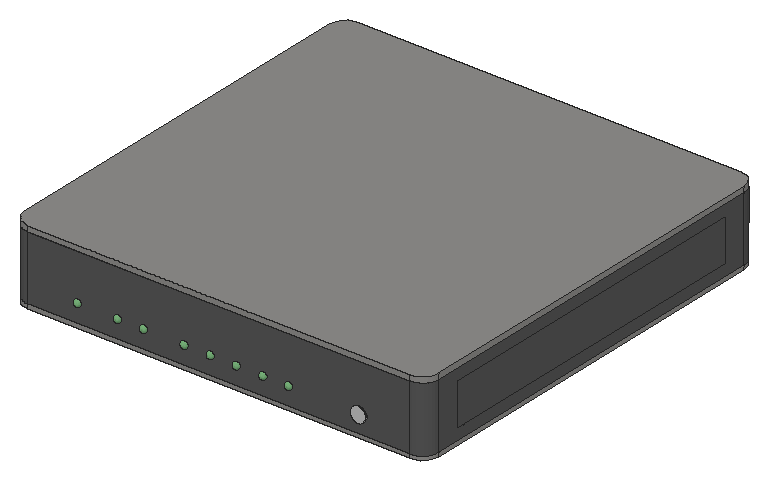
Revit family "Electronics_Compact-Audio-DSP_Biamp_TesiraFORTE-X_Meeting-Room-DSP___", category Communication Devices, host Face, Revit 2020
Family settings
  Host = Face
  Maintain Annotation Orientation = No
  Round Connector Dimension = Use Diameter
  Part Type = Normal
  OmniClass Number = 23.85.10.14
  OmniClass Title = Visual Information Systems
  Cut with Voids When Loaded = Yes
  Shared = No
  Room Calculation Point = No
Parameters (values of type "X 400")
  Width = 8.10156"  # constant formula
  Weight = 1.90 lbf  # constant formula
  Voltage = 120 V
  View_Device [instance] = not(Plenum Box 12x12)  # yes
  URL = "https://www.biamp.com/"
  Temperature Range = "32 - 104° F (0 - 40° C)"  # constant formula
  THD+N = "0dB Gain, +4dBu In: < 0.006% at 22Hz~22kHz; 54dB Gain, -50dBu In: < 0.040% at 22Hz~22kHz; "  # constant formula
  Sampling Rate = "48kHz"  # constant formula
  Sample Rate = "48kHz"  # constant formula
  Rotation [instance] = if(RMX 100 Rack Shelf, 0.00°, 90.00°)  # 90.00°
  Ref Line Offset [instance] = if(RMX 100 Rack Shelf, 4.680", 0.000")  # 0.000"
  RMX 100 Rack Shelf [instance] = Mount Type = _RMX 100 Rack Shelf  # no
  _RMX 100 Rack Shelf = RMX 100 Rack Shelf : RMX 100 Rack Shelf
  Product data url = "https://www.bimobject.com/biamp/product/x-400_compact-audio-dsp"
  Product Page URL = "https://www.biamp.com/products/tesira-compact-audio-dsp#x-400"
  Product Documentation Link = "https://downloads.biamp.com/assets/docs/default-source/data-sheets/biamp_data_sheet_tesiraforte_x400_feb22.pdf"
  Power Factor = 1
  Plenum Box 12x12 [instance] = Mount Type = _Plenum Box 12x12  # no
  _Plenum Box 12x12 = Plenum Box 12x12 : Plenum Box 12x12
  Phantom Power = "+48VDC (7mA/input)"  # constant formula
  Output Impedance = "207 ohm"  # constant formula
  Offset Tesera [instance] = if(RMX 100 Rack Shelf, 0.263", if(Plenum Box 12x12, 0.063", 0.000"))  # 0.000"
  Number of Poles = 1
  Number of Channels = "up to 2x2"  # constant formula
  No mount [instance] = Mount Type = No Mount  # yes
  No Mount = No mount : No mount
  Mount Type [instance] = No mount : No mount
  Model = "TesiraFORTÉ X 400"
  Maximum Output = "+24dBu, +18dBu, +12dBu"  # constant formula
  Maximum Number of Dante Flows = "32x32"  # constant formula
  Maximum Number of Dante Channels = "32x32"  # constant formula
  Maximum Number of AVB Streams = "64x64"  # constant formula
  Maximum Number of AVB Channels = "128x128"  # constant formula
  Maximum Input = "+24dBu"  # constant formula
  Maximum AVB Stream Passthrough = "150"  # constant formula
  Max Power Consumption = 150 W
  Manufacturer = "Biamp"  # constant formula
  Input Impedance = "8 kohm"  # constant formula
  Input Gain Range = "0-66dB"  # constant formula
  Humidity = "0-98% relative humidity (non-condensing)"  # constant formula
  Housing Material = Biamp - Metal - Dark Gray
  Height = 1.500"  # constant formula
  Frequency Response = "20Hz to 20kHz, +4dBu output: +0.25 dB/-0.5 dB"  # constant formula
  EIN = "< -125dBu"  # constant formula
  Dynamic Range = "22Hz to 22kHz, 0dB gain: > 108dB"  # constant formula
  Description = "TesiraFORTÉ® X 400 Meeting Room DSP"
  Depth = 8.10156"  # constant formula
  Default Elevation = 48.000"
  Cross Talk = "0dB Gain, +4dBu In: < -85dB channel to channel at 1kHz; 54dB Gain, -50dBu In: < -75dB channel to channel at 1kHz; "  # constant formula
  Connector Description = "100 - 240V 50/60Hz"  # constant formula
  Compliance = "FCC Part 15B (USA), Canada ICES-003 (A) / NMB-003 (A), CE marked (Europe), UL und C-UL listed (USA and Canada), RCM (Australia), RoHS Directive (Europe)"  # constant formula
  Bit Depth = "16-bit / 24-bit"  # constant formula
  Assembly Code = ""
  Apparent Load = Max Power Consumption / Power Factor  # 150 VA
  Altitude = "0-6,600 ft (0-2000m) MSL"  # constant formula
  A/D - D/A Converters = "24-bit"  # constant formula
Types (4): name | Product data url | Product Page URL | Product Documentation Link | Model | Description
  (no name) | "https://www.bimobject.com/biamp/product/x-400_compact-audio-dsp" | "https://www.biamp.com/products/tesira-compact-audio-dsp#x-400" | "https://downloads.biamp.com/assets/docs/default-source/data-sheets/biamp_data_sheet_tesiraforte_x400_feb22.pdf" | "TesiraFORTÉ X 400" | "TesiraFORTÉ® X 400 Meeting Room DSP"
  X 400 | "https://www.bimobject.com/biamp/product/x-400_compact-audio-dsp" | "https://www.biamp.com/products/tesira-compact-audio-dsp#x-400" | "https://downloads.biamp.com/assets/docs/default-source/data-sheets/biamp_data_sheet_tesiraforte_x400_feb22.pdf" | "TesiraFORTÉ X 400" | "TesiraFORTÉ® X 400 Meeting Room DSP"
  X 800 | "https://www.bimobject.com/biamp/product/x-800_compact-audio-dsp" | "https://www.biamp.com/products/tesira-compact-audio-dsp#x-800" | "https://downloads.biamp.com/assets/docs/default-source/data-sheets/biamp_data_sheet_tesiraforte_x800_feb22.pdf" | "TesiraFORTÉ X 800" | "TesiraFORTÉ® X 800 Meeting Room DSP"
  X 1600 | "https://www.bimobject.com/biamp/product/x-1600_compact-audio-dsp" | "https://www.biamp.com/products/tesira-compact-audio-dsp#x-1600" | "https://downloads.biamp.com/assets/docs/default-source/data-sheets/biamp_data_sheet_tesiraforte_x1600_feb22.pdf" | "TesiraFORTÉ X 1600" | "TesiraFORTÉ® X 1600 Meeting Room DSP"
Reference planes (in)
  plane 1 "Center (Front/Back)": y = 0
  plane 2: z = 0
  plane 3 "Center (Left/Right)": x = 0
  plane 4: x = -4.05078
  plane 5: x = 4.05078
  plane 6: y = 4.05078
  plane 7: y = -4.05078
Lines and regions (in)
  reference lines
    curve 1: line (0, 4.05078, 0) -> (0, 0.05078, 0)
    curve 2: line (-2, 0.05078, 0) -> (0, 0.05078, 0)
    curve 3: line (0, 0.05078, 0) -> (0, 1.80078, 0)
Dimensions and locks (in)
  equal spacing: plane 4, plane 3 "Center (Left/Right)", plane 5
  equal spacing: plane 6, plane 1 "Center (Front/Back)", plane 7
  "Depth": plane 4 to plane 5
  "Width": plane 6 to plane 7
  "Ref Line Offset": curve 1 to curve 2
  "Rotation": angle curve 1 to plane 6
  locked: curve 2 to curve 1 (angle 90.00°)
  aligned and locked: plane 2 to host face
  aligned and locked: nested 2 to curve 3
Automatic sketch dimensions
  host sketch curve to host sketch curve = 96.000"  (x2)
  curve 1 to level = 0.000"
  curve 1 to plane 6 = 0.000"
  curve 3 to curve 2 = 0.000"
  curve 2 to curve 3 = 0.000"
  curve 2 to curve 3 = 1.750"
  curve 1 to curve 2 = 0.000"
Nested families (in)
  nested 1: "No mount" at (8.84807, -1.49783, 0) x (-1, 0, 0) z (0, 0, 1), type <- "Mount Type", type "No mount"
  nested 2: "TesiraForte X_TC" at (0, 0.05078, 0), visible <- "View_Device", type "TESIRAFORTÉ X"
Connectors (in)
  electrical at (-1.18142, 4.0336, 0.76855)
    settings: on nested 2, index 8, voltage 0 V, apparent load 0 VA, apparent load phase1 0 VA, apparent load phase2 0 VA, apparent load phase3 0 VA, power factor 1, load classification "Other", number of poles 1, system type 5, power factor state 1, is connector primary yes, connector utility no, sub classification motor no, connector description "Mic/Line output"
  electrical at (-1.86892, 4.0336, 0.76855)
    settings: on nested 2, index 9, voltage 0 V, apparent load 0 VA, apparent load phase1 0 VA, apparent load phase2 0 VA, apparent load phase3 0 VA, power factor 1, load classification "Other", number of poles 1, system type 5, power factor state 1, is connector primary no, connector utility no, sub classification motor no, connector description "Mic/Line input"
  electrical at (-2.46337, 4.0336, 0.69315)
    settings: on nested 2, index 11, voltage 0 V, apparent load 0 VA, apparent load phase1 0 VA, apparent load phase2 0 VA, apparent load phase3 0 VA, power factor 1, load classification "Other", number of poles 1, system type 5, power factor state 1, is connector primary no, connector utility no, sub classification motor no, connector description "Logic I/O; GPIO"
  electrical at (-0.48823, 4.0336, 0.45757)
    settings: on nested 2, index 12, voltage 0 V, apparent load 0 VA, apparent load phase1 0 VA, apparent load phase2 0 VA, apparent load phase3 0 VA, power factor 1, load classification "Other", number of poles 1, system type 5, power factor state 1, is connector primary no, connector utility no, sub classification motor no, connector description "USB port"
  electrical at (-3.31669, 4.24838, 0.60915), driven by "Voltage", driven by "Number of Poles", driven by "Max Power Consumption", driven by "Power Factor", driven by "Connector Description"
    settings: on nested 2, index 13, voltage 120 V, apparent load 0 VA, apparent load phase1 150 VA, apparent load phase2 0 VA, apparent load phase3 0 VA, power factor 1, load classification "Other", number of poles 1, system type 31, power factor state 1, is connector primary no, connector utility no, sub classification motor no, connector description "100 - 240V 50/60Hz"
  electrical at (3.21369, 4.0336, 0.55913)
    settings: on nested 2, index 14, voltage 0 V, apparent load 0 VA, apparent load phase1 0 VA, apparent load phase2 0 VA, apparent load phase3 0 VA, power factor 1, load classification "Other", number of poles 1, system type 5, power factor state 1, is connector primary no, connector utility no, sub classification motor no, connector description "PoE+ 1"
  electrical at (2.27619, 4.0336, 0.52788)
    settings: on nested 2, index 15, voltage 0 V, apparent load 0 VA, apparent load phase1 0 VA, apparent load phase2 0 VA, apparent load phase3 0 VA, power factor 1, load classification "Other", number of poles 1, system type 5, power factor state 1, is connector primary no, connector utility no, sub classification motor no, connector description "PoE+ 2"
  electrical at (1.65597, 4.0336, 0.52788)
    settings: on nested 2, index 16, voltage 0 V, apparent load 0 VA, apparent load phase1 0 VA, apparent load phase2 0 VA, apparent load phase3 0 VA, power factor 1, load classification "Other", number of poles 1, system type 5, power factor state 1, is connector primary no, connector utility no, sub classification motor no, connector description "PoE+ 3"
  electrical at (1.03516, 4.0336, 0.52788)
    settings: on nested 2, index 17, voltage 0 V, apparent load 0 VA, apparent load phase1 0 VA, apparent load phase2 0 VA, apparent load phase3 0 VA, power factor 1, load classification "Other", number of poles 1, system type 5, power factor state 1, is connector primary no, connector utility no, sub classification motor no, connector description "PoE+ 4"
  electrical at (0.41802, 4.0336, 0.52788)
    settings: on nested 2, index 18, voltage 0 V, apparent load 0 VA, apparent load phase1 0 VA, apparent load phase2 0 VA, apparent load phase3 0 VA, power factor 1, load classification "Other", number of poles 1, system type 5, power factor state 1, is connector primary no, connector utility no, sub classification motor no, connector description "PoE+ 5"
Definition of nested family "TesiraForte X_TC"
  Parameters (values of type "TESIRAFORTÉ X")
    URL = ""
    Offset From Ref = 0.000"
    Model = ""
    Material Case = none
    Manufacturer = ""
    Description = ""
    Default Elevation = 48.000"
    Assembly Code = ""
  Reference planes (in)
    plane 1 "Center (Front/Back)": y = 0
    plane 2: z = 0
    plane 3 "Center (Left/Right)": x = 0
    plane 4: x = -4.05078
    plane 5: x = 4.05078
    plane 6: y = 4.05078
    plane 7: y = -4.05078
    plane 8: z = 1.49906
    plane 9: z = 0.03906
    plane 10 "1": z = 0
    plane 11: z = 0
  Forms (in)
    Extrusion 1, solid
      sketch origin (0, 0, 0) x (1, 0, 0) y (0, 1, 0)
        loop
          line (-48, 48) -> (-48, -48) -> (48, -48) -> (48, 48) -> (-48, 48)
      from 0 to -12
    Extrusion 2, solid, material <- "Material Case"
      sketch origin (0, 0, 0.68945) x (-1, 0, 0) y (0, -1, 0)
        loop
          circle (3.75078, -3.15078) r 0.25
        loop
          circle (-3.75078, -3.15078) r 0.25
        loop
          circle (-3.75078, 3.15078) r 0.25
        loop
          circle (3.75078, 3.15078) r 0.25
      from -0.68945 to -0.65039
    Extrusion 3, solid, material <- "Material Case", detail levels coarse
      sketch origin (0, 7.34519, 0.03906) x (0, 1, 0) y (-1, 0, 0)
        loop
          line (-3.29441, 4.05) -> (-11.39597, 4.05) -> (-11.39597, -4.05) -> (-3.29441, -4.05) -> (-3.29441, 4.05)
      from 0 to 1.46
    Extrusion 4, solid
      sketch origin (4.05, -4.05078, 0.80562) x (-1, 0, 0) y (0, 0, -1)
        loop
          circle (1.30533, 0.34421) r 0.14705
      from 0 to 0.01784
    Extrusion 5, solid
      sketch origin (0, 0, 0.6875) x (1, 0, 0) y (0, 0, 1)
        loop
          circle (-3.31669, -0.07835) r 0.20416
      from -4.1976 to -4.05
    Extrusion 6, solid, material <- "Material Case", detail levels medium+fine
      sketch origin (-4.95787, -180, 0) x (-1, 0, 0) y (0, -1, 0)
        loop
          line (-0.90709, -183.73295) -> (-0.90709, -176.26705)
          arc (-0.90709, -176.26705) -> (-1.00018, -176.04231) -> (-1.22492, -175.94922) r 0.31783
          line (-1.22492, -175.94922) -> (-8.69082, -175.94922)
          arc (-8.69082, -175.94922) -> (-8.91556, -176.04231) -> (-9.00865, -176.26705) r 0.31783
          line (-9.00865, -176.26705) -> (-9.00865, -183.73295)
          arc (-9.00865, -183.73295) -> (-8.91556, -183.95769) -> (-8.69082, -184.05078) r 0.31783
          line (-8.69082, -184.05078) -> (-1.22492, -184.05078)
          arc (-1.22492, -184.05078) -> (-1.00018, -183.95769) -> (-0.90709, -183.73295) r 0.31783
      from 0.03906 to 0.11634
    Extrusion 7, solid, detail levels medium+fine
      sketch origin (-4.95787, -180, 0) x (-1, 0, 0) y (0, -1, 0)
        loop
          line (-0.90746, -183.73295) -> (-0.90746, -176.26705)
          arc (-0.90746, -176.26705) -> (-1.00055, -176.04231) -> (-1.22528, -175.94922) r 0.31783
          line (-1.22528, -175.94922) -> (-8.69119, -175.94922)
          arc (-8.69119, -175.94922) -> (-8.91593, -176.04231) -> (-9.00902, -176.26705) r 0.31783
          line (-9.00902, -176.26705) -> (-9.00902, -183.73295)
          arc (-9.00902, -183.73295) -> (-8.91593, -183.95769) -> (-8.69119, -184.05078) r 0.31783
          line (-8.69119, -184.05078) -> (-1.22528, -184.05078)
          arc (-1.22528, -184.05078) -> (-1.00055, -183.95769) -> (-0.90746, -183.73295) r 0.31783
      from 0.11634 to 1.39139
    Extrusion 8, solid, material <- "Material Case", detail levels medium+fine
      sketch origin (-4.95787, -180, 0) x (-1, 0, 0) y (0, -1, 0)
        loop
          line (-0.90709, -183.73295) -> (-0.90709, -176.26705)
          arc (-0.90709, -176.26705) -> (-1.00018, -176.04231) -> (-1.22492, -175.94922) r 0.31783
          line (-1.22492, -175.94922) -> (-8.69082, -175.94922)
          arc (-8.69082, -175.94922) -> (-8.91556, -176.04231) -> (-9.00865, -176.26705) r 0.31783
          line (-9.00865, -176.26705) -> (-9.00865, -183.73295)
          arc (-9.00865, -183.73295) -> (-8.91556, -183.95769) -> (-8.69082, -184.05078) r 0.31783
          line (-8.69082, -184.05078) -> (-1.22492, -184.05078)
          arc (-1.22492, -184.05078) -> (-1.00018, -183.95769) -> (-0.90709, -183.73295) r 0.31783
      from 1.39139 to 1.49906
    Extrusion 9, void
      sketch origin (0, 0, 0.6875) x (1, 0, 0) y (0, 0, 1)
        loop
          line (3.50713, -0.37837) -> (3.50713, 0.12163) -> (2.92025, 0.12163) -> (2.92025, -0.37837) -> (3.50713, -0.37837)
        loop
          line (2.56963, 0.09038) -> (1.98275, 0.09038) -> (1.98275, -0.40962) -> (2.56963, -0.40962) -> (2.56963, 0.09038)
        loop
          line (1.94941, 0.09038) -> (1.36253, 0.09038) -> (1.36253, -0.40962) -> (1.94941, -0.40962) -> (1.94941, 0.09038)
        loop
          line (1.32861, 0.09038) -> (0.74172, 0.09038) -> (0.74172, -0.40962) -> (1.32861, -0.40962) -> (1.32861, 0.09038)
        loop
          line (0.71147, 0.09038) -> (0.12458, 0.09038) -> (0.12458, -0.40962) -> (0.71147, -0.40962) -> (0.71147, 0.09038)
        loop
          line (-0.25728, -0.01899) -> (-0.71917, -0.01899) -> (-0.71917, -0.44087) -> (-0.25728, -0.44087) -> (-0.25728, -0.01899)
        loop
          line (-0.86974, 0.6092) -> (-1.4931, 0.6092) -> (-1.4931, -0.4471) -> (-0.86974, -0.4471) -> (-0.86974, 0.6092)
        loop
          line (-1.55724, 0.6092) -> (-2.1806, 0.6092) -> (-2.1806, -0.4471) -> (-1.55724, -0.4471) -> (-1.55724, 0.6092)
        loop
          line (-2.31922, 0.52091) -> (-2.60753, 0.52091) -> (-2.60753, -0.5096) -> (-2.31922, -0.5096) -> (-2.31922, 0.52091)
      from -4.1976 to -3.98282
    Revolve 10, solid, detail levels fine
      sketch origin (-2.76078, -1.15708, 1.22383) x (0, 0, 1) y (0, -1, 0)
        loop
          arc (-0.67998, 2.8937) -> (-0.74383, 2.95755) -> (-0.80769, 2.8937) r 0.06385
          line (-0.80769, 2.8937) -> (-0.67998, 2.8937)
        axis (-0.67998, 2.8937) -> (-0.80769, 2.8937)
      angle from 270 to 450
    Revolve 11, solid, detail levels fine
      sketch origin (-1.97338, -1.15708, 1.22383) x (0, 0, 1) y (0, -1, 0)
        loop
          arc (-0.67998, 2.8937) -> (-0.74383, 2.95755) -> (-0.80769, 2.8937) r 0.06385
          line (-0.80769, 2.8937) -> (-0.67998, 2.8937)
        axis (-0.67998, 2.8937) -> (-0.80769, 2.8937)
      angle from 270 to 450
    Revolve 12, solid, detail levels fine
      sketch origin (-1.46472, -1.15708, 1.22383) x (0, 0, 1) y (0, -1, 0)
        loop
          arc (-0.67998, 2.8937) -> (-0.74383, 2.95755) -> (-0.80769, 2.8937) r 0.06385
          line (-0.80769, 2.8937) -> (-0.67998, 2.8937)
        axis (-0.67998, 2.8937) -> (-0.80769, 2.8937)
      angle from 270 to 450
    Revolve 13, solid, detail levels fine
      sketch origin (-0.6715, -1.15708, 1.22383) x (0, 0, 1) y (0, -1, 0)
        loop
          arc (-0.67998, 2.8937) -> (-0.74383, 2.95755) -> (-0.80769, 2.8937) r 0.06385
          line (-0.80769, 2.8937) -> (-0.67998, 2.8937)
        axis (-0.67998, 2.8937) -> (-0.80769, 2.8937)
      angle from 270 to 450
    Revolve 14, solid, detail levels fine
      sketch origin (-0.15919, -1.15708, 1.22383) x (0, 0, 1) y (0, -1, 0)
        loop
          arc (-0.67998, 2.8937) -> (-0.74383, 2.95755) -> (-0.80769, 2.8937) r 0.06385
          line (-0.80769, 2.8937) -> (-0.67998, 2.8937)
        axis (-0.67998, 2.8937) -> (-0.80769, 2.8937)
      angle from 270 to 450
    Revolve 15, solid, detail levels fine
      sketch origin (0.35345, -1.15708, 1.22383) x (0, 0, 1) y (0, -1, 0)
        loop
          arc (-0.67998, 2.8937) -> (-0.74383, 2.95755) -> (-0.80769, 2.8937) r 0.06385
          line (-0.80769, 2.8937) -> (-0.67998, 2.8937)
        axis (-0.67998, 2.8937) -> (-0.80769, 2.8937)
      angle from 270 to 450
    Revolve 16, solid, detail levels fine
      sketch origin (1.37397, -1.15708, 1.22383) x (0, 0, 1) y (0, -1, 0)
        loop
          arc (-0.67998, 2.8937) -> (-0.74383, 2.95755) -> (-0.80769, 2.8937) r 0.06385
          line (-0.80769, 2.8937) -> (-0.67998, 2.8937)
        axis (-0.67998, 2.8937) -> (-0.80769, 2.8937)
      angle from 270 to 450
    Revolve 17, solid, detail levels fine
      sketch origin (0.87196, -1.15708, 1.22383) x (0, 0, 1) y (0, -1, 0)
        loop
          arc (-0.67998, 2.8937) -> (-0.74383, 2.95755) -> (-0.80769, 2.8937) r 0.06385
          line (-0.80769, 2.8937) -> (-0.67998, 2.8937)
        axis (-0.67998, 2.8937) -> (-0.80769, 2.8937)
      angle from 270 to 450
    Extrusion 18, void
      sketch origin (4.05078, 13.84047, 48) x (0, 1, 0) y (0, 0, 1)
        loop
          line (-17.13125, -46.82094) -> (-17.13125, -47.66) -> (-10.54969, -47.66) -> (-10.54969, -46.82094) -> (-17.13125, -46.82094)
      from 0 to -0.08
    Extrusion 19, void
      sketch origin (-4.05078, 13.84047, 48) x (0, -1, 0) y (0, 0, 1)
        loop
          line (17.13125, -46.82094) -> (10.54969, -46.82094) -> (10.54969, -47.66) -> (17.13125, -47.66) -> (17.13125, -46.82094)
      from 0 to -0.08
    Extrusion 20, solid
      sketch origin (-3.97078, 13.84047, 48) x (0, -1, 0) y (0, 0, 1)
        loop
          line (17.13125, -46.82094) -> (10.54969, -46.82094) -> (10.54969, -47.66) -> (17.13125, -47.66) -> (17.13125, -46.82094)
      from 0 to 0.08
    Extrusion 21, solid
      sketch origin (4.05115, -3.73295, 0) x (0, 1, 0) y (0, 0, 1)
        loop
          line (0.44217, 1.17906) -> (0.44217, 0.34) -> (7.02373, 0.34) -> (7.02373, 1.17906) -> (0.44217, 1.17906)
      from 0 to -0.08
  Cuts and joins
    Extrusion 9, Extrusion 18, Extrusion 19 cuts Extrusion 7
    Extrusion 9, Extrusion 19 cuts Extrusion 3
  Lines and regions (in)
    Masking region 1, detail levels medium+fine
      outline origin (0, 0, 0) x (1, 0, 0) y (0, 1, 0)
        loop
          line (-4.05078, 3.73295) -> (-4.05078, -3.73295)
          arc (-4.05078, -3.73295) -> (-3.95769, -3.95769) -> (-3.73295, -4.05078) r 0.31783
          line (-3.73295, -4.05078) -> (2.59762, -4.05078) -> (2.59762, -4.08336) -> (2.89172, -4.08336) -> (2.89172, -4.05078) -> (3.73295, -4.05078)
          arc (3.73295, -4.05078) -> (3.95769, -3.95769) -> (4.05078, -3.73295) r 0.31783
          line (4.05078, -3.73295) -> (4.05078, 3.73295)
          arc (4.05078, 3.73295) -> (3.95769, 3.95769) -> (3.73295, 4.05078) r 0.31783
          line (3.73295, 4.05078) -> (-3.11253, 4.05078) -> (-3.11253, 4.1976) -> (-3.52084, 4.1976) -> (-3.52084, 4.05078) -> (-3.73295, 4.05078)
          arc (-3.73295, 4.05078) -> (-3.95769, 3.95769) -> (-4.05078, 3.73295) r 0.31783
    Masking region 2, detail levels fine
      outline origin (0, 0, 0) x (1, 0, 0) y (0, 1, 0)
        loop
          line (-2.69595, -4.05078) -> (-2.82562, -4.05078)
          arc (-2.82562, -4.05078) -> (-2.76078, -4.11562) -> (-2.69595, -4.05078) r 0.06483
        loop
          line (-1.90855, -4.05078) -> (-2.03821, -4.05078)
          arc (-2.03821, -4.05078) -> (-1.97338, -4.11562) -> (-1.90855, -4.05078) r 0.06483
        loop
          line (-1.39988, -4.05078) -> (-1.52955, -4.05078)
          arc (-1.52955, -4.05078) -> (-1.46472, -4.11562) -> (-1.39988, -4.05078) r 0.06483
        loop
          line (-0.60667, -4.05078) -> (-0.73634, -4.05078)
          arc (-0.73634, -4.05078) -> (-0.6715, -4.11562) -> (-0.60667, -4.05078) r 0.06483
        loop
          line (-0.09435, -4.05078) -> (-0.22402, -4.05078)
          arc (-0.22402, -4.05078) -> (-0.15919, -4.11562) -> (-0.09435, -4.05078) r 0.06483
        loop
          line (0.41828, -4.05078) -> (0.28862, -4.05078)
          arc (0.28862, -4.05078) -> (0.35345, -4.11562) -> (0.41828, -4.05078) r 0.06483
        loop
          line (0.9368, -4.05078) -> (0.80713, -4.05078)
          arc (0.80713, -4.05078) -> (0.87196, -4.11562) -> (0.9368, -4.05078) r 0.06483
        loop
          line (1.43881, -4.05078) -> (1.30914, -4.05078)
          arc (1.30914, -4.05078) -> (1.37397, -4.11562) -> (1.43881, -4.05078) r 0.06483
    Masking region 3, detail levels coarse
      outline origin (0, 0, 0) x (1, 0, 0) y (0, 1, 0)
        loop
          line (-4.05078, 4.05078) -> (-4.05078, -4.05078) -> (2.59762, -4.05078) -> (2.59762, -4.08336) -> (2.89172, -4.08336) -> (2.89172, -4.05078) -> (4.05078, -4.05078) -> (4.05078, 4.05078) -> (-3.11253, 4.05078) -> (-3.11253, 4.1976) -> (-3.52084, 4.1976) -> (-3.52084, 4.05078) -> (-4.05078, 4.05078)
    symbolic lines
      curve 1: line (-3.73258, -4.05078, 0) -> (3.73332, -4.05078, 0)
      curve 2: line (3.73332, 4.05078, 0) -> (-3.73295, 4.05078, 0)
  Dimensions and locks (in)
    equal spacing: plane 4, plane 3 "Center (Left/Right)", plane 5
    equal spacing: plane 6, plane 1 "Center (Front/Back)", plane 7
    plane 4 to plane 5 = 8.10156"
    plane 6 to plane 7 = 8.10156"
    locked: plane 8 to Extrusion 5 sketch curve at 0.88991
    locked: plane 9 to plane 11 at 0.03906
    locked: plane 8 to plane 11 at 1.49906
    "Offset From Ref": plane 11 to level
    locked: plane 7 to Extrusion 18 sketch curve at 0.76
    locked: Extrusion 18 sketch curve to plane 6 at 0.76
    plane 8 to Extrusion 18 sketch curve = 0.320"
    locked: Extrusion 18 sketch curve to plane 11 at 0.34
    aligned and locked: plane 2 to Extrusion 1
    aligned and locked: Extrusion 2 to Extrusion 6
    aligned and locked: Extrusion 6 to Extrusion 2  (x2)
    aligned and locked: plane 8 to Extrusion 8
    aligned and locked: plane 9 to Extrusion 6  (x2)
    aligned and locked: Extrusion 8 to plane 8  (x5)
    aligned and locked: plane 9 to Extrusion 2
    aligned and locked: Extrusion 2 to plane 11
  Automatic sketch dimensions
    Extrusion 1 sketch curve to Extrusion 1 sketch curve = 96.000"  (x2)
    Extrusion 2 sketch curve to plane 5 = 0.300"  (x2)
    plane 4 to Extrusion 2 sketch curve = 0.300"  (x2)
    Extrusion 2 sketch curve to plane 6 = 0.900"  (x2)
    plane 7 to Extrusion 2 sketch curve = 0.900"  (x2)
    Extrusion 3 sketch curve to plane 7 = 0.000"
    Extrusion 3 sketch curve to plane 6 = 0.000"
    Extrusion 3 sketch curve to plane 5 = 0.00078"
    plane 4 to Extrusion 3 sketch curve = 0.00078"
    plane 9 to Extrusion 4 sketch curve = 0.42235"
    Extrusion 4 sketch curve to plane 5 = 1.30611"
    plane 4 to Extrusion 5 sketch curve = 0.7341"
    Extrusion 6 sketch curve to plane 5 = 0.000"
    Extrusion 6 sketch curve to plane 6 = 0.000"
    Extrusion 6 sketch curve to plane 7 = 0.000"
    Extrusion 6 sketch curve to plane 4 = 0.000"
    Extrusion 6 sketch curve to plane 5 = 0.31783"  (x2)
    Extrusion 6 sketch curve to Extrusion 6 sketch curve = 0.31783"  (x2)
    Extrusion 7 sketch curve to plane 6 = 0.000"
    Extrusion 7 sketch curve to plane 7 = 0.000"
    plane 5 to Extrusion 7 sketch curve = 0.00037"
    Extrusion 7 sketch curve to plane 5 = 0.31746"  (x2)
    plane 4 to Extrusion 7 sketch curve = 0.3182"  (x2)
    plane 4 to Extrusion 7 sketch curve = 0.00037"
    Extrusion 8 sketch curve to plane 5 = 0.000"
    Extrusion 8 sketch curve to plane 6 = 0.000"
    Extrusion 8 sketch curve to plane 7 = 0.000"
    Extrusion 8 sketch curve to plane 4 = 0.000"
    Extrusion 8 sketch curve to plane 5 = 0.31783"  (x2)
    Extrusion 8 sketch curve to Extrusion 8 sketch curve = 0.31783"  (x2)
    Extrusion 9 sketch curve to plane 8 = 0.29065"
    plane 4 to Extrusion 9 sketch curve = 1.44326"
    plane 9 to Extrusion 9 sketch curve = 0.13884"
    Extrusion 9 sketch curve to Extrusion 9 sketch curve = 0.2883"
    Extrusion 9 sketch curve to Extrusion 9 sketch curve = 0.13862"
    plane 9 to Extrusion 9 sketch curve = 0.20134"  (x2)
    Extrusion 9 sketch curve to Extrusion 9 sketch curve = 0.62336"  (x2)
    Extrusion 9 sketch curve to Extrusion 9 sketch curve = 0.06414"
    Extrusion 9 sketch curve to Extrusion 9 sketch curve = 0.15057"
    Extrusion 9 sketch curve to plane 3 "Center (Left/Right)" = 0.25728"
    plane 3 "Center (Left/Right)" to Extrusion 9 sketch curve = 0.12458"
    plane 9 to Extrusion 9 sketch curve = 0.23882"  (x3)
    Extrusion 9 sketch curve to Extrusion 9 sketch curve = 0.58688"  (x4)
    Extrusion 9 sketch curve to Extrusion 9 sketch curve = 0.03026"
    Extrusion 9 sketch curve to Extrusion 9 sketch curve = 0.03392"
    Extrusion 9 sketch curve to Extrusion 9 sketch curve = 0.03334"
    Extrusion 9 sketch curve to Extrusion 9 sketch curve = 0.35062"
    plane 9 to Extrusion 9 sketch curve = 0.27007"
    Extrusion 9 sketch curve to plane 5 = 0.54365"
    Extrusion 9 sketch curve to Extrusion 9 sketch curve = 0.00623"
    Extrusion 9 sketch curve to Extrusion 9 sketch curve = 0.000"  (x5)
    Extrusion 9 sketch curve to Extrusion 9 sketch curve = 0.42187"
    Extrusion 9 sketch curve to Extrusion 9 sketch curve = 0.500"  (x2)
    Extrusion 9 sketch curve to plane 8 = 0.20236"
    Revolve 10 sketch curve to plane 7 = 0.000"  (x2)
    plane 9 to Revolve 10 sketch curve = 0.37708"
    Revolve 10 sketch curve to Revolve 10 sketch curve = 0.06385"
    Revolve 10 sketch curve to Revolve 10 sketch curve = 0.027"
    Revolve 10 sketch curve to Revolve 10 sketch curve = 0.01689"
    Revolve 11 sketch curve to plane 7 = 0.000"  (x2)
    plane 9 to Revolve 11 sketch curve = 0.37708"
    Revolve 11 sketch curve to Revolve 11 sketch curve = 0.06385"
    Revolve 11 sketch curve to Revolve 11 sketch curve = 0.027"
    Revolve 11 sketch curve to Revolve 11 sketch curve = 0.01689"
    Revolve 12 sketch curve to plane 7 = 0.000"  (x2)
    plane 9 to Revolve 12 sketch curve = 0.37708"
    Revolve 12 sketch curve to Revolve 12 sketch curve = 0.06385"
    Revolve 12 sketch curve to Revolve 12 sketch curve = 0.027"
    Revolve 12 sketch curve to Revolve 12 sketch curve = 0.01689"
    Revolve 13 sketch curve to plane 7 = 0.000"  (x2)
    plane 9 to Revolve 13 sketch curve = 0.37708"
    Revolve 13 sketch curve to Revolve 13 sketch curve = 0.06385"
    Revolve 13 sketch curve to Revolve 13 sketch curve = 0.027"
    Revolve 13 sketch curve to Revolve 13 sketch curve = 0.01689"
    Revolve 14 sketch curve to plane 7 = 0.000"  (x2)
    plane 9 to Revolve 14 sketch curve = 0.37708"
    Revolve 14 sketch curve to Revolve 14 sketch curve = 0.06385"
    Revolve 14 sketch curve to Revolve 14 sketch curve = 0.027"
    Revolve 14 sketch curve to Revolve 14 sketch curve = 0.01689"
    Revolve 15 sketch curve to plane 7 = 0.000"  (x2)
    plane 9 to Revolve 15 sketch curve = 0.37708"
    Revolve 15 sketch curve to Revolve 15 sketch curve = 0.06385"
    Revolve 15 sketch curve to Revolve 15 sketch curve = 0.027"
    Revolve 15 sketch curve to Revolve 15 sketch curve = 0.01689"
    Revolve 16 sketch curve to plane 7 = 0.000"  (x2)
    plane 9 to Revolve 16 sketch curve = 0.37708"
    Revolve 16 sketch curve to Revolve 16 sketch curve = 0.06385"
    Revolve 16 sketch curve to Revolve 16 sketch curve = 0.027"
    Revolve 16 sketch curve to Revolve 16 sketch curve = 0.01689"
    Revolve 17 sketch curve to plane 7 = 0.000"  (x2)
    plane 9 to Revolve 17 sketch curve = 0.37708"
    Revolve 17 sketch curve to Revolve 17 sketch curve = 0.06385"
    Revolve 17 sketch curve to Revolve 17 sketch curve = 0.027"
    Revolve 17 sketch curve to Revolve 17 sketch curve = 0.01689"
    Extrusion 19 sketch curve to plane 8 = 0.320"
    Extrusion 19 sketch curve to plane 6 = 0.760"
    plane 9 to Extrusion 19 sketch curve = 0.30094"
    plane 7 to Extrusion 19 sketch curve = 0.760"
    Extrusion 20 sketch curve to Extrusion 19 = 0.000"  (x3)
    Extrusion 19 to Extrusion 20 sketch curve = 0.000"
    Extrusion 7 to Extrusion 21 sketch curve = 0.21232"
    Extrusion 7 to Extrusion 21 sketch curve = 0.44217"
    Extrusion 21 sketch curve to Extrusion 7 = 0.44217"
    Extrusion 7 to Extrusion 21 sketch curve = 0.22366"
    Masking region 1 sketch curve to plane 4 = 0.000"
    Masking region 1 sketch curve to plane 6 = 0.000"  (x2)
    Masking region 1 sketch curve to plane 7 = 0.000"  (x2)
    Masking region 1 sketch curve to plane 5 = 0.000"
    plane 4 to Masking region 1 sketch curve = 0.31783"
    Masking region 1 sketch curve to Masking region 1 sketch curve = 0.31783"
    Masking region 1 sketch curve to Masking region 1 sketch curve = 0.21211"
    Masking region 1 sketch curve to Masking region 1 sketch curve = 0.40831"
    Masking region 1 sketch curve to plane 7 = 0.03258"
    Masking region 1 sketch curve to plane 5 = 1.45316"
    Masking region 1 sketch curve to Masking region 1 sketch curve = 0.29409"
    Masking region 1 sketch curve to plane 5 = 0.31783"  (x2)
    plane 6 to Masking region 1 sketch curve = 0.14682"
    Masking region 2 sketch curve to plane 7 = 0.000"  (x8)
    plane 4 to Masking region 2 sketch curve = 1.22517"
    Masking region 2 sketch curve to Masking region 2 sketch curve = 0.06483"  (x8)
    Masking region 2 sketch curve to Masking region 2 sketch curve = 0.65773"
    Masking region 2 sketch curve to Masking region 2 sketch curve = 0.37899"
    Masking region 2 sketch curve to Masking region 2 sketch curve = 0.66355"
    Masking region 2 sketch curve to plane 3 "Center (Left/Right)" = 0.22402"
    plane 3 "Center (Left/Right)" to Masking region 2 sketch curve = 0.28862"
    Masking region 2 sketch curve to Masking region 2 sketch curve = 0.38884"
    Masking region 2 sketch curve to Masking region 2 sketch curve = 0.43718"
    Masking region 3 sketch curve to plane 6 = 0.000"  (x2)
    Masking region 3 sketch curve to plane 4 = 0.000"
    Masking region 3 sketch curve to plane 5 = 0.000"
    plane 4 to Masking region 3 sketch curve = 0.52994"
    Masking region 3 sketch curve to plane 7 = 0.03258"
    Masking region 3 sketch curve to plane 5 = 1.15906"
    Masking region 3 sketch curve to Masking region 3 sketch curve = 0.14682"
    Masking region 3 sketch curve to Masking region 3 sketch curve = 0.40831"
    Masking region 3 sketch curve to plane 7 = 0.000"  (x2)
    Masking region 3 sketch curve to Masking region 3 sketch curve = 0.29409"
    curve 2 to plane 6 = 0.000"
    curve 1 to plane 7 = 0.000"
    plane 4 to curve 2 = 0.31783"
    plane 4 to curve 1 = 0.3182"
    curve 2 to plane 5 = 0.31746"
    curve 1 to plane 5 = 0.31746"
    radius of Extrusion 2 sketch curve = 0.250"  (x4)
    radius of Extrusion 4 sketch curve = 0.14705"
    radius of Extrusion 5 sketch curve = 0.20416"
Definition of nested family "No mount"
  Parameters (values of type "No mount")
    Height = 0.000"
    Default Elevation = 48.000"
  Reference planes (in)
    plane 1 "Center (Front/Back)": y = 0
    plane 2: z = 0
    plane 3 "Center (Left/Right)": x = 0
  Dimensions and locks (in)
    aligned and locked: level to plane 2
